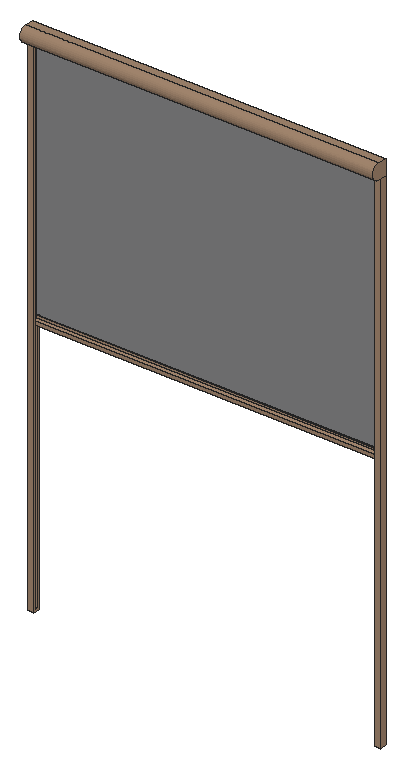
Revit family "Screen_Window_SereneSeries_PhantomScreens", category Windows, host Wall, Revit 2014
Parameters (values of type "Type as Specified")
  URL = "http://www.phantomscreens.com/"
  Track Depth = 0' - 0 57/64"
  Specification = "http://www.phantomscreens.com/architects-designers/specifications-binder/"
  Slide Bar Height = 0' - 1 13/32"
  Slide Bar Depth = 0' - 0 23/32"
  Screen Thickness = 0' - 0 1/32"
  Screen = Suntex 80 - Charcoal
  Sales Information = "http://www.phantomscreens.com/support/"
  Revision = "R1_08-2016"
  Product Properties = "http://www.phantomscreens.com/drive/uploads/2015/05/technical_specs_serene.pdf"
  Product Data = "http://www.arcat.com/arcatcos/cos9540/arc40535.html"
  Percent Open [instance] = 50
  Model = "Serene Series"
  Manufacturer Website = "http://www.phantomscreens.com/"
  Manufacturer Phone - Toll Free = ""
  Manufacturer Phone = "604-855-3654"
  Manufacturer Fax = "604-855-7834"
  Manufacturer Address = "30451 Simpson Rd.; Abbotsford; BC; Canada V2T 6C7"
  Manufacturer = "Phantom Screens"
  Keynote = "08 11 00"
  Installation-Fabrication = "http://www.phantomscreens.com/architects-designers/options/"
  Housing Depth = 0' - 2 19/64"
  Housing Height = 0' - 2 7/64"
  Height [instance] = 6' - 0"
  Drawn By = "Sumex Design - Robert S Weygant"
  Description = "Phantom Screens Serene Series Screen"
  Default Sill Height = 3' - 0"
  Wall Closure = By host
  Width [instance] = 4' - 0"
  Copyright = "� 2016 ARCAT Inc."
  Construction Details = "http://www.arcat.com/details/phantoms/95prod3446.html"
  Assembly Code = "B2020400"
  Amount Open [instance] = Height * (Percent Open / 100)  # 3' - 0"
  Aluminum Track = Dark Acacia
  Aluminum Slide Bar = Dark Acacia
  Aluminum Housing = Dark Acacia
Reference planes (in)
  plane 1 "Center (Front/Back)": y = 0
  plane 2: z = 0
  plane 3 "Center (Left/Right)": x = 0
  plane 4 "Left": x = -24
  plane 5 "Right": x = 24
  plane 6 "Sill": z = 36
  plane 7 "Top": z = 108
  plane 8: z = 110.10938
  plane 9: x = 24.89062
  plane 10: x = -24.89062
  plane 11: y = -3
  plane 12: y = -5.29688
  plane 13: y = -3.71875
  plane 14: y = -3.89062
  plane 15: z = 72
  plane 16: z = 73.40625
  plane 17: y = -3.35938
  plane 18: y = -3.39062
Forms (in)
  Extrusion 1, solid, material "Dark Acacia" <- "Aluminum Track"
    sketch origin (0, 0, 0) x (1, 0, 0) y (0, 0, 1)
      loop
        line (24.89062, 108) -> (24, 108) -> (24, 36) -> (24.89062, 36) -> (24.89062, 108)
    from 3 to 3.89062
  Extrusion 2, solid, material "Dark Acacia" <- "Aluminum Track"
    sketch origin (0, 0, 0) x (-1, 0, 0) y (0, 0, -1)
      loop
        line (24.89062, -108) -> (24.89062, -36) -> (24, -36) -> (24, -108) -> (24.89062, -108)
    from 3 to 3.89062
  Extrusion 3, solid, material "Dark Acacia" <- "Aluminum Slide Bar"
    sketch origin (0, 0, 0) x (0, 1, 0) y (0, 0, 1)
      loop
        line (-3, 73.40625) -> (-3.44467, 73.40625) -> (-3.44467, 73.37363) -> (-3.42188, 73.35084) -> (-3.42188, 73.02273) -> (-3.71875, 72.72586) -> (-3.71875, 72.22976) -> (-3.39063, 72) -> (-3, 72) -> (-3, 73.40625)
    from -24 to 24
  Extrusion 4, solid, material "Suntex 80 - Charcoal" <- "Screen"
    sketch origin (0, 0, 0) x (0, 1, 0) y (0, 0, 1)
      loop
        line (-3.35938, 73.40625) -> (-3.35938, 108) -> (-3.39062, 108) -> (-3.39062, 73.40625) -> (-3.35938, 73.40625)
    from -24 to 24
  Extrusion 5, solid, material "Dark Acacia" <- "Aluminum Housing"
    sketch origin (0, 0, 0) x (0, 1, 0) y (0, 0, 1)
      loop
        line (-3, 110.10938) -> (-4.23437, 110.10938)
        arc (-4.23437, 110.10938) -> (-5.28906, 109.05469) -> (-4.23437, 108) r 1.05469
        line (-4.23437, 108) -> (-3, 108) -> (-3, 110.10938)
    from -24.89062 to 24.89063
  Extrusion 6, void
    sketch origin (0, 0, 36) x (0, -1, 0) y (1, 0, 0)
      loop
        line (3.16233, -24) -> (3.16233, -24.76557) -> (3.71875, -24.76557) -> (3.71875, -24) -> (3.16233, -24)
      loop
        line (3.16233, 24) -> (3.71875, 24) -> (3.71875, 24.76557) -> (3.16233, 24.76557) -> (3.16233, 24)
    from 0.26418 to 72
Cuts and joins
  Extrusion 6 cuts Extrusion 1
  Extrusion 6 cuts Extrusion 2
Text (in)
  text "EXTERIOR" at (-69.21001, -25.56818, 0), in view "Ref. Level"
  text "INTERIOR" at (-66.85452, 30.38598, 0), in view "Ref. Level"
  text "Exterior" at (0, 43.65631, 123.19604), in view "Left"
  text "Exterior" at (0, 18.29385, 125.04747), in view "Right"
Dimensions and locks (in)
  equal spacing: plane 4 "Left", plane 3 "Center (Left/Right)", plane 5 "Right"
  "Width": plane 4 "Left" to plane 5 "Right"
  "Height": plane 6 "Sill" to plane 7 "Top"
  "Default Sill Height": plane 2 to plane 6 "Sill"
  "Housing Height": plane 7 "Top" to plane 8
  "Slide Bar Depth": plane 11 to plane 13
  "Housing Depth": plane 11 to plane 12
  "Track Depth": plane 11 to plane 14
  "Screen Thickness": plane 17 to plane 18
  "Slide Bar Height": plane 15 to plane 16
  "Track Depth": plane 5 "Right" to plane 9
  "Track Depth": plane 10 to plane 4 "Left"
  "Amount Open": plane 15 to plane 6 "Sill"
  aligned and locked: level to plane 2
  aligned and locked: Extrusion 1 to plane 11
  aligned and locked: Extrusion 2 to plane 4 "Left"
  aligned and locked: plane 10 to Extrusion 2  (x2)
  aligned and locked: plane 16 to Extrusion 3 sketch curve
  aligned and locked: Extrusion 3 sketch curve to plane 11
  aligned and locked: Extrusion 3 sketch curve to plane 15
  aligned and locked: plane 13 to Extrusion 3 sketch curve
  aligned and locked: Extrusion 3 to Extrusion 4 sketch curve
  aligned and locked: Extrusion 4 sketch curve to plane 17
  aligned and locked: plane 7 "Top" to Extrusion 4 sketch curve
  aligned and locked: plane 18 to Extrusion 4 sketch curve
  aligned and locked: Extrusion 3 to plane 5 "Right"
  aligned and locked: Extrusion 4 to plane 5 "Right"
  aligned and locked: plane 5 "Right" to Extrusion 3  (x2)
  aligned and locked: Extrusion 1 to plane 9  (x2)
  aligned and locked: plane 4 "Left" to Extrusion 3
  aligned and locked: plane 16 to Extrusion 3  (x2)
  aligned and locked: Extrusion 3 to plane 15  (x2)
  aligned and locked: Extrusion 4 to plane 7 "Top"
  aligned and locked: plane 5 "Right" to Extrusion 1
  aligned and locked: plane 14 to Extrusion 2
  aligned and locked: Extrusion 4 to plane 18
  aligned and locked: plane 17 to Extrusion 4
  aligned and locked: Extrusion 2 to plane 11
  aligned and locked: Extrusion 2 to plane 14
  aligned and locked: Extrusion 4 to plane 16
  aligned and locked: plane 13 to Extrusion 3
  aligned and locked: Extrusion 3 to plane 11
  aligned and locked: plane 4 "Left" to Extrusion 4
  aligned and locked: plane 8 to Extrusion 5 sketch curve
  aligned and locked: plane 7 "Top" to Extrusion 5 sketch curve
  aligned and locked: plane 13 to Extrusion 6 sketch curve
  aligned and locked: Extrusion 6 sketch curve to plane 5 "Right"
  aligned and locked: Extrusion 5 to plane 9
  aligned and locked: plane 10 to Extrusion 5
  aligned and locked: plane 8 to Extrusion 5
  aligned and locked: plane 7 "Top" to Extrusion 5
  aligned and locked: Extrusion 6 to plane 7 "Top"
  aligned and locked: plane 14 to Extrusion 1
  aligned and locked: Extrusion 6 sketch curve to plane 13
Automatic sketch dimensions
  plane 4 "Left" to Extrusion 2 sketch curve = 0' - 0"
  Extrusion 2 sketch curve to plane 6 "Sill" = 0' - 0"
  plane 10 to Extrusion 2 sketch curve = 0' - 0"
  Extrusion 2 sketch curve to plane 7 "Top" = 0' - 0"
  plane 5 "Right" to Extrusion 1 sketch curve = 0' - 0"
  Extrusion 1 sketch curve to plane 6 "Sill" = 0' - 0"
  plane 9 to Extrusion 1 sketch curve = 0' - 0"
  Extrusion 1 sketch curve to plane 7 "Top" = 0' - 0"
  plane 14 to Extrusion 5 sketch curve = 0' - 0 11/32"
  Extrusion 5 sketch curve to host wall = 0' - 0"
  Extrusion 3 sketch curve to plane 18 = 0' - 0"
  Extrusion 3 sketch curve to plane 18 = 0' - 0 1/32"
  Extrusion 3 sketch curve to plane 16 = 0' - 0.38352"
  Extrusion 3 sketch curve to plane 16 = 0' - 0.05541"
  Extrusion 3 sketch curve to plane 18 = 0' - 0.05405"
  Extrusion 3 sketch curve to Extrusion 3 sketch curve = 0' - 0.22976"
  Extrusion 3 sketch curve to Extrusion 3 sketch curve = 0' - 0 19/64"
  Extrusion 3 sketch curve to plane 16 = 0' - 0.03262"
  Extrusion 6 sketch curve to plane 4 "Left" = 0' - 0"
  host wall to Extrusion 6 sketch curve = 0' - 0.16233"  (x2)
  Extrusion 6 sketch curve to plane 10 = 0' - 0.12505"
  plane 9 to Extrusion 6 sketch curve = 0' - 0.12505"
